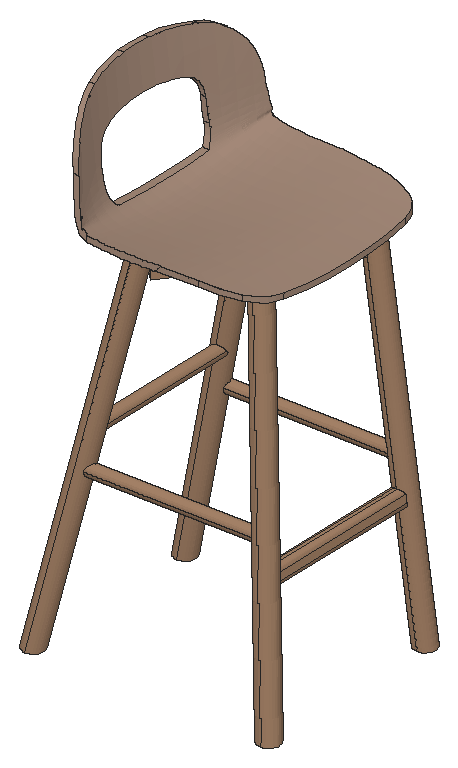
Revit family "Furniture_Chair_RIBBON 4.1 WCO", category Furniture, Revit 2020
Family settings
  OmniClass Number = 23.21.23.15.17
  Work Plane-Based = Yes
  Always vertical = No
  Cut with Voids When Loaded = No
  Shared = No
  Room Calculation Point = No
Parameters (values of type "RIBBON 4.1 WCO")
  Youtube clip = ""
  Uniformat II Description = "Movable Furnishings"
  Uniformat II Code = ""
  Uniclass 2015 Name = ""
  Uniclass 2015 Code = ""
  Uniclass 2.0 Description = ""
  Uniclass 2.0 Code = ""
  Uniclass 1.4 Description = ""
  Uniclass 1.4 Code = ""
  UNSPSC Code = ""
  Technical description = ""
  Shell Material = Wood - Stain - Canaletto
  Frame Material = Wood - Stain - Cherry
  Region South America = "All"
  Region Oceania = "All"
  Region North America = "All"
  Region Middle East = "All"
  Region Europe = "All"
  Region Asia = "All"
  Region Antarctica = "All"
  Region Africa = "All"
  QR code = "https://www.sandlerseating.com/product/ribbon-4-1-wco/"
  Product url = "https://www.sandlerseating.com/product/ribbon-4-1-wco/"
  Product name = "RIBBON 4.1 WCO"
  Product group = "Chair"
  Product family = "Furniture"
  Product data url = "https://www.sandlerseating.com/product/ribbon-4-1-wco/"
  Product certification = ""
  Product SKU = "??"
  Product Guid = "??"
  OmniClass Description = ""
  OmniClass Code = "23-21 23 15 17"
  NBS Reference Description = ""
  NBS Reference Code = ""
  Model = "RIBBON 4.1 WCO"
  Masterformat 2014 Description = "Chair Mats"
  Masterformat 2014 Code = "12 48 43.13"
  Manufacturer name = "Sandler"
  Manufacturer country = "USA"
  Manufacturer = "Sandler"
  Installation instructions = ""
  IFC Classification = "Furnishing Element"
  GTIN code = ""
  Edition number = 1
  Design country = "Brasil"
  Description = "Chair"
  Default Elevation = 0.000 mm
  Date of publishing = ""
  COBIe Type Category = ""
  Brand url = "https://www.sandlerseating.com/"
  BIMobject main category code = "furniture"
  BIMobject main category = "Furniture"
  BIMobject category code = "furniture-chair"
  BIMobject category = "Chair"
Reference planes
  plane 1 "Center Front/Back": y = 0
  plane 2: z = 0
  plane 3 "Center Left/Right": x = 0
Dimensions and locks
  aligned and locked: level to plane 2
Nested families
  nested 1: "BS04 - RIBBON" at (0, 0, 0) x (0, 1, 0) z (0, 0, 1), Frame Material <- "Frame Material", type "BS04 - RIBBON"
    with Seat Material none, Frame Material Wood - Stain - Cherry
  nested 2: "TP03 - RIBBON" at (0, 0, 0) x (0, 1, 0) z (0, 0, 1), Seat Material <- "Shell Material", Shell Material <- "Shell Material", type "TP03 - RIBBON"
    with Shell Material Wood - Stain - Canaletto, Seat Material Wood - Stain - Canaletto, Frame Material none
Definition of nested family "BS04 - RIBBON"
  Parameters (values of type "BS04 - RIBBON")
    Width = 450.000 mm
    Seat Material [instance] = none
    Height = 770.000 mm
    Frame Material [instance] = none
    Depth = 560.000 mm
    Default Elevation = 0.000 mm
  Reference planes
    plane 1 "Center (Front/Back)": y = 0
    plane 2: z = 0
    plane 3 "Center (Left/Right)": x = 0
    plane 4: z = 0
  Forms (mm)
    Extrusion 1, solid, material <- "Frame Material"
      sketch origin (0, 0, 238.7) x (-1, 0, 0) y (0, -1, 0)
        loop
          line (131.85, 111.928) -> (115.59, 131.305) -> (0, 34.313) -> (-116.725, 130.073) -> (-131.652, 112.283) -> (-19.671, 18.321) -> (-135.473, -78.849) -> (-119.19, -95.132) -> (0, 1.386) -> (117.646, -95.349) -> (135.822, -77.173) -> (19.993, 18.068) -> (131.85, 111.928)
      from 429.094 to 489.013
    Blend 2, solid, material <- "Frame Material"
      base sketch origin (0, 0, 238.7) x (-1, 0, 0) y (0, -1, 0)
        loop
          circle (130.582, 126.956) r 20
      top sketch origin (0, 0, 238.7) x (-1, 0, 0) y (0, -1, 0)
        loop
          circle (184.236, 184.943) r 20
      from 495.43 to -238.7
    Blend 3, solid, material <- "Frame Material"
      base sketch origin (0, 0, 238.7) x (-1, 0, 0) y (0, -1, 0)
        loop
          circle (132.255, -92.247) r 20
      top sketch origin (0, 0, 238.7) x (-1, 0, 0) y (0, -1, 0)
        loop
          circle (179.066, -263.174) r 20
      from 495.43 to -238.7
    Blend 4, solid, material <- "Frame Material"
      base sketch origin (0, 0, 238.7) x (1, 0, 0) y (0, 1, 0)
        loop
          circle (130.582, -126.956) r 20
      top sketch origin (0, 0, 238.7) x (1, 0, 0) y (0, 1, 0)
        loop
          circle (184.236, -184.943) r 20
      from 495.43 to -238.7
    Blend 5, solid, material <- "Frame Material"
      base sketch origin (0, 0, 238.7) x (1, 0, 0) y (0, 1, 0)
        loop
          circle (132.255, 92.247) r 20
      top sketch origin (0, 0, 238.7) x (1, 0, 0) y (0, 1, 0)
        loop
          circle (179.066, 263.174) r 20
      from 495.43 to -238.7
    Extrusion 6, solid, material <- "Frame Material"
      sketch origin (0, 0, 0) x (1, 0, 0) y (0, 0, 1)
        loop
          circle (-161.806, 325.764) r 12
        loop
          circle (161.806, 325.764) r 12
      from -175.18 to 143.72
    Extrusion 7, solid, material <- "Frame Material"
      sketch origin (0, 0, 0) x (0, 1, 0) y (0, 0, 1)
        loop
          circle (166.95, 396.374) r 12
      from -148.249 to 143.98
    Extrusion 8, solid, material <- "Frame Material"
      sketch origin (0, 0, 0) x (0, 1, 0) y (0, 0, 1)
        loop
          arc (-149.892, 266.238) -> (-151.825, 272.37) -> (-157.528, 275.338) r 8.4
          line (-157.528, 275.338) -> (-165.297, 276.018)
          arc (-165.297, 276.018) -> (-172.596, 273.716) -> (-176.13, 266.928) r 10
          line (-176.13, 266.928) -> (-177.383, 252.607)
          arc (-177.383, 252.607) -> (-175.345, 246.143) -> (-169.334, 243.014) r 8.855
          line (-169.334, 243.014) -> (-162.018, 242.374)
          arc (-162.018, 242.374) -> (-154.718, 244.675) -> (-151.184, 251.464) r 10
          line (-151.184, 251.464) -> (-149.892, 266.238)
      from -152.617 to 153.238
  Dimensions and locks
    aligned and locked: level to plane 2
Definition of nested family "TP03 - RIBBON"
  Parameters (values of type "TP03 - RIBBON")
    Width = 450.000 mm
    Shell Material [instance] = none
    Seat Material [instance] = none
    Height = 770.000 mm
    Frame Material [instance] = none
    Depth = 560.000 mm
    Default Elevation = 0.000 mm
  Reference planes
    plane 1 "Center (Front/Back)": y = 0
    plane 2: z = 0
    plane 3 "Center (Left/Right)": x = 0
    plane 4: y = 280
    plane 5: y = -280
    plane 6: x = 225
    plane 7: x = -225
    plane 8: z = 770
    plane 9: z = 500
    plane 10: z = 0
    plane 11: x = 195
    plane 12: x = -195
  Forms (mm)
    SweptBlend 1, solid, material <- "Shell Material"
      path origin (0, 0, 338.75) x (0, 1, 0) y (0, 0, 1)
        loop
          spline (236.993, 770) -> (215.446, 619.786) -> (203.96, 521.866) -> (196.056, 461.013) -> (185.765, 422.995) -> (170.436, 400.026) -> (148.517, 387.169) -> (116.673, 381.645) -> (71.41, 381.644) -> (17.125, 384.689) -> (-37.49, 387.866) -> (-99.973, 388.064) -> (-194.089, 381.979)
      profile origin (0, 236.993, 1108.75) x (0, 0.987688, -0.156434) y (1, 0, 0)
        loop
          arc (-54.452, -225) -> (5.039, 1.061) -> (-61.996, 225) r 431.806
          line (-61.996, 225) -> (-73.893, 225)
          arc (-73.893, 225) -> (-4.963, 1.126) -> (-66.1, -225) r 421.806
          line (-66.1, -225) -> (-54.452, -225)
      end profile origin (0, -194.089, 720.729) x (0, 0.087156, -0.996195) y (1, 0, 0)
        loop
          arc (-15.62, -225) -> (-4.868, -5) -> (-15.62, 215) r 2256.083
          line (-15.62, 215) -> (-25.572, 214.025)
          arc (-25.572, 214.025) -> (-14.868, -5) -> (-25.572, -224.025) r 2246.083
          line (-25.572, -224.025) -> (-15.62, -225)
    Extrusion 2, void
      sketch origin (-5, 0, 346.25) x (1, 0, 0) y (0, 0, 1)
        loop
          arc (-84.779, 527.741) -> (-110.902, 512.187) -> (-121.172, 483.571) r 45
          line (-121.172, 483.571) -> (-121.172, 441.557)
          arc (-121.172, 441.557) -> (-116.72, 422.68) -> (-105.633, 406.767) r 51.762
          arc (-105.633, 406.767) -> (1.867, 398.259) -> (109.367, 406.767) r 683.394
          arc (109.367, 406.767) -> (120.466, 422.677) -> (124.922, 441.557) r 51.719
          line (124.922, 441.557) -> (124.922, 483.722)
          arc (124.922, 483.722) -> (114.624, 512.371) -> (88.444, 527.908) r 45
          arc (88.444, 527.908) -> (1.824, 536.142) -> (-84.779, 527.741) r 455.076
      from -242.315 to -152.272
    Extrusion 3, void
      sketch origin (-5, 0, 338.75) x (1, 0, 0) y (0, 0, 1)
        loop
          line (-220.722, 407.454) -> (-207.76, 513.027)
          arc (-207.76, 513.027) -> (-177.799, 577.36) -> (-115.779, 611.857) r 115
          arc (-115.779, 611.857) -> (-72.704, 618.765) -> (-29.251, 622.652) r 625.068
          line (-29.251, 622.652) -> (30.439, 622.652)
          arc (30.439, 622.652) -> (77.898, 618.561) -> (124.908, 610.867) r 625.068
          arc (124.908, 610.867) -> (186.455, 576.245) -> (216.166, 512.182) r 115
          line (216.166, 512.182) -> (229.025, 407.454) -> (255.9, 407.454) -> (255.9, 797.454) -> (-274.025, 797.454) -> (-274.025, 407.454) -> (-220.722, 407.454)
      from -249.753 to -125.437
    Extrusion 4, void
      sketch origin (-5, 0, 577.45) x (-1, 0, 0) y (0, -1, 0)
        loop
          line (221.377, -19.587) -> (236.377, -19.587) -> (236.377, 210.413) -> (-243.252, 210.413) -> (-243.252, -19.587) -> (-223.252, -19.587)
          arc (-223.252, -19.587) -> (-219.795, 30.1) -> (-215.386, 79.712) r 2595.964
          arc (-215.386, 79.712) -> (-209.021, 113.709) -> (-196.875, 146.094) r 199.356
          arc (-196.875, 146.094) -> (-175.337, 171.52) -> (-144.077, 183.063) r 65.516
          arc (-144.077, 183.063) -> (-0.937, 192.462) -> (142.202, 183.063) r 1094.67
          arc (142.202, 183.063) -> (173.462, 171.52) -> (195, 146.094) r 65.516
          arc (195, 146.094) -> (207.146, 113.709) -> (213.511, 79.712) r 199.356
          arc (213.511, 79.712) -> (217.92, 30.1) -> (221.377, -19.587) r 2595.964
      from 119.126 to 201.3
  Cuts and joins
    Extrusion 2, Extrusion 3, Extrusion 4 cuts SweptBlend 1
  Dimensions and locks
    equal spacing: plane 7, plane 3 "Center (Left/Right)", plane 6
    "Width": plane 7 to plane 6
    equal spacing: plane 5, plane 1 "Center (Front/Back)", plane 4
    "Depth": plane 5 to plane 4
    "Height": plane 8 to level
    locked: plane 11 to plane 6 at 30
    locked: plane 7 to plane 12 at 30
    aligned and locked: level to plane 2
  Automatic sketch dimensions
    SweptBlend 1 sketch curve to SweptBlend 1 sketch curve = 0.000 mm  (x4)
    SweptBlend 1 sketch curve to plane 3 "Center (Left/Right)" = 6.177 mm
    profile plane to SweptBlend 1 sketch curve = 73.893 mm
    SweptBlend 1 sketch curve to SweptBlend 1 sketch curve = 11.897 mm
    plane 3 "Center (Left/Right)" to SweptBlend 1 sketch curve = 225.000 mm
    profile plane to SweptBlend 1 sketch curve = 66.100 mm
    SweptBlend 1 sketch curve to SweptBlend 1 sketch curve = 11.648 mm
    SweptBlend 1 sketch curve to plane 3 "Center (Left/Right)" = 5.000 mm
    profile plane to SweptBlend 1 sketch curve = 2260.951 mm
    profile plane to SweptBlend 1 sketch curve = 25.572 mm  (x2)
    SweptBlend 1 sketch curve to SweptBlend 1 sketch curve = 9.952 mm  (x2)
    plane 3 "Center (Left/Right)" to SweptBlend 1 sketch curve = 214.025 mm
    SweptBlend 1 sketch curve to SweptBlend 1 sketch curve = 0.975 mm
    plane 8 to SweptBlend 1 sketch curve = 338.750 mm
    SweptBlend 1 sketch curve to plane 5 = 85.911 mm
    plane 4 to SweptBlend 1 sketch curve = 43.007 mm
    plane 9 to SweptBlend 1 sketch curve = 220.729 mm
    Extrusion 4 sketch curve to plane 12 = 5.000 mm  (x2)
    plane 12 to Extrusion 4 sketch curve = 54.116 mm
    Extrusion 4 sketch curve to plane 3 "Center (Left/Right)" = 20.116 mm
    Extrusion 4 sketch curve to plane 3 "Center (Left/Right)" = 4.063 mm
    plane 3 "Center (Left/Right)" to Extrusion 4 sketch curve = 11.991 mm
    Extrusion 4 sketch curve to plane 11 = 62.241 mm
    Extrusion 4 sketch curve to plane 6 = 6.748 mm
    plane 6 to Extrusion 4 sketch curve = 13.252 mm
    plane 4 to Extrusion 4 sketch curve = 105.109 mm  (x2)
    Extrusion 4 sketch curve to Extrusion 4 sketch curve = 2126.686 mm
    Extrusion 4 sketch curve to plane 7 = 1.377 mm
    Extrusion 4 sketch curve to plane 7 = 16.377 mm
    Extrusion 4 sketch curve to Extrusion 4 sketch curve = 2131.686 mm
    Extrusion 4 sketch curve to plane 4 = 622.208 mm
    Extrusion 4 sketch curve to plane 1 "Center (Front/Back)" = 19.587 mm  (x2)
    plane 1 "Center (Front/Back)" to Extrusion 4 sketch curve = 60.160 mm
    Extrusion 4 sketch curve to Extrusion 4 sketch curve = 0.000 mm  (x2)
    Extrusion 4 sketch curve to Extrusion 4 sketch curve = 38.141 mm  (x2)
    plane 12 to Extrusion 4 sketch curve = 47.798 mm
    Extrusion 4 sketch curve to plane 11 = 55.923 mm
    Extrusion 4 sketch curve to plane 5 = 69.587 mm
    plane 12 to Extrusion 2 sketch curve = 68.828 mm
    Extrusion 2 sketch curve to Extrusion 2 sketch curve = 45.000 mm  (x2)
    plane 8 to Extrusion 2 sketch curve = 20.039 mm
    Extrusion 2 sketch curve to Extrusion 2 sketch curve = 6.714 mm
    Extrusion 2 sketch curve to plane 3 "Center (Left/Right)" = 3.133 mm
    Extrusion 2 sketch curve to plane 3 "Center (Left/Right)" = 2.737 mm
    plane 8 to Extrusion 2 sketch curve = 20.037 mm
    plane 3 "Center (Left/Right)" to Extrusion 2 sketch curve = 68.251 mm
    Extrusion 2 sketch curve to Extrusion 2 sketch curve = 6.671 mm
    plane 8 to Extrusion 2 sketch curve = 17.807 mm  (x2)
    Extrusion 2 sketch curve to plane 9 = 72.684 mm
    Extrusion 2 sketch curve to Extrusion 2 sketch curve = 42.015 mm
    Extrusion 2 sketch curve to Extrusion 2 sketch curve = 39.935 mm
    Extrusion 2 sketch curve to Extrusion 2 sketch curve = 553.745 mm
    Extrusion 2 sketch curve to plane 8 = 16.983 mm
    Extrusion 2 sketch curve to Extrusion 2 sketch curve = 0.000 mm
    Extrusion 3 sketch curve to plane 8 = 23.796 mm  (x2)
    Extrusion 3 sketch curve to plane 7 = 54.025 mm
    Extrusion 3 sketch curve to plane 7 = 0.722 mm
    plane 7 to Extrusion 3 sketch curve = 12.240 mm
    Extrusion 3 sketch curve to plane 3 "Center (Left/Right)" = 98.617 mm
    Extrusion 3 sketch curve to plane 3 "Center (Left/Right)" = 34.251 mm
    Extrusion 3 sketch curve to plane 3 "Center (Left/Right)" = 4.481 mm
    Extrusion 3 sketch curve to plane 3 "Center (Left/Right)" = 0.317 mm
    plane 3 "Center (Left/Right)" to Extrusion 3 sketch curve = 25.439 mm
    plane 3 "Center (Left/Right)" to Extrusion 3 sketch curve = 97.023 mm
    Extrusion 3 sketch curve to plane 6 = 13.834 mm
    Extrusion 3 sketch curve to plane 6 = 0.975 mm
    plane 6 to Extrusion 3 sketch curve = 25.900 mm
    Extrusion 3 sketch curve to plane 9 = 162.949 mm
    Extrusion 3 sketch curve to Extrusion 3 sketch curve = 0.205 mm
    plane 8 to Extrusion 3 sketch curve = 66.917 mm
    plane 8 to Extrusion 3 sketch curve = 67.762 mm
    plane 8 to Extrusion 3 sketch curve = 80.932 mm
    plane 8 to Extrusion 3 sketch curve = 81.777 mm
    Extrusion 3 sketch curve to Extrusion 3 sketch curve = 11.785 mm
    Extrusion 3 sketch curve to Extrusion 3 sketch curve = 186.586 mm
